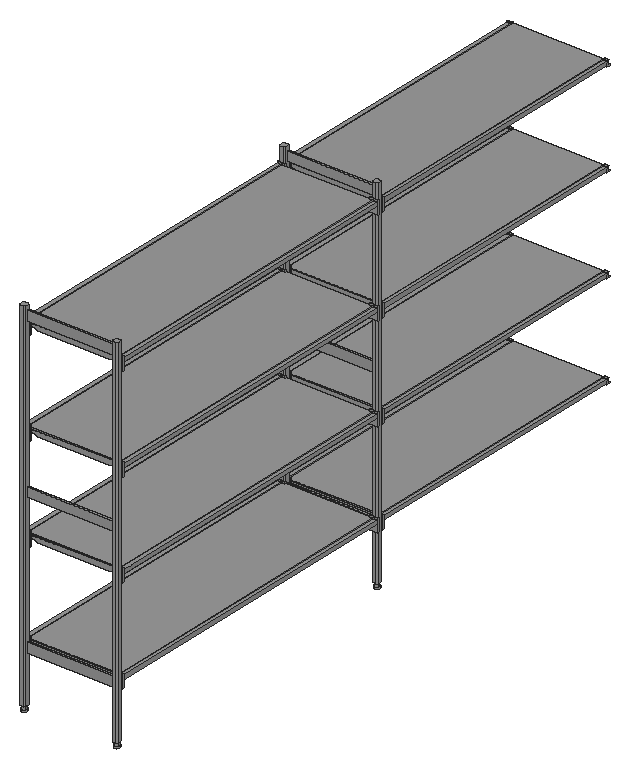
Revit family "QF_ZANUSSI_137089_CLS2903", category Attrezzature speciali, Revit 2020 (continued)
Definition of nested family "WT_Aggancio475"
  Dimensions and locks
    "Depth": plane 3 "BACK" to plane 4 "FRONT"
    "Dint": plane 7 to plane 8
    equal spacing: plane 7, plane 6 "Center (Front/Back)", plane 8
    equal spacing: plane 3 "BACK", plane 6 "Center (Front/Back)", plane 4 "FRONT"
    plane 9 "FEET" to level = 25.0 mm
    plane 5 "TOP" to plane 9 "FEET" = 1700.0 mm
    plane 10 to plane 9 "FEET" = 250.0 mm
    plane 11 to plane 10 = 450.0 mm
    plane 12 to plane 11 = 450.0 mm
    plane 13 to plane 12 = 450.0 mm
    locked: plane 3 "BACK" to plane 15 "CYBack" at 17.5
    locked: plane 16 "CYFront" to plane 4 "FRONT" at 17.5
    aligned and locked: level to plane 1
    aligned and locked: Extrusion 1 sketch curve to Extrusion 1 sketch curve  (x3)
  Automatic sketch dimensions
    plane 16 "CYFront" to Extrusion 1 sketch curve = 1.478 mm  (x4)
    Extrusion 1 sketch curve to Extrusion 1 sketch curve = 2.0 mm
    plane 8 to Extrusion 1 sketch curve = 3.478 mm  (x4)
    Extrusion 1 sketch curve to plane 10 = 4.006 mm
    Extrusion 1 sketch curve to Extrusion 1 sketch curve = 34.0 mm  (x4)
    Extrusion 1 sketch curve to plane 11 = 4.006 mm
    Extrusion 1 sketch curve to plane 12 = 4.006 mm
    Extrusion 1 sketch curve to plane 13 = 4.006 mm
    Extrusion 1 sketch curve to plane 7 = 37.522 mm  (x4)
    Extrusion 1 sketch curve to plane 7 = 3.522 mm  (x4)
    plane 14 to Extrusion 1 sketch curve = 3.516 mm  (x4)
    plane 14 to Extrusion 1 sketch curve = 1.522 mm  (x4)
    plane 10 to Extrusion 1 sketch curve = 7.998 mm  (x2)
    Extrusion 1 sketch curve to Extrusion 1 sketch curve = 11.498 mm  (x4)
    Extrusion 1 sketch curve to Extrusion 1 sketch curve = 6.499 mm  (x8)
    plane 11 to Extrusion 1 sketch curve = 7.998 mm  (x2)
    plane 12 to Extrusion 1 sketch curve = 7.998 mm  (x2)
    plane 13 to Extrusion 1 sketch curve = 7.998 mm  (x2)
    plane 2 "LEFT" to Extrusion 2 sketch curve = 0.0 mm  (x4)
    plane 13 to Extrusion 2 sketch curve = 7.996 mm
    plane 11 to Extrusion 2 sketch curve = 7.996 mm
    Extrusion 2 sketch curve to Extrusion 2 sketch curve = 5.0 mm  (x4)
    plane 11 to Extrusion 2 sketch curve = 2.494 mm
    plane 10 to Extrusion 2 sketch curve = 28.996 mm
    Extrusion 2 sketch curve to Extrusion 2 sketch curve = 3.0 mm  (x4)
    plane 10 to Extrusion 2 sketch curve = 7.996 mm
    plane 10 to Extrusion 2 sketch curve = 2.494 mm
    Extrusion 2 sketch curve to Extrusion 2 sketch curve = 18.0 mm  (x3)
    plane 12 to Extrusion 2 sketch curve = 2.494 mm
    plane 12 to Extrusion 2 sketch curve = 7.996 mm
    plane 13 to Extrusion 2 sketch curve = 2.494 mm
    plane 2 "LEFT" to Extrusion 3 sketch curve = 0.0 mm  (x4)
    plane 13 to Extrusion 3 sketch curve = 7.996 mm
    plane 11 to Extrusion 3 sketch curve = 7.996 mm
    Extrusion 3 sketch curve to Extrusion 3 sketch curve = 5.0 mm  (x4)
    plane 11 to Extrusion 3 sketch curve = 2.494 mm
    plane 10 to Extrusion 3 sketch curve = 28.996 mm
    Extrusion 3 sketch curve to Extrusion 3 sketch curve = 3.0 mm  (x4)
    plane 10 to Extrusion 3 sketch curve = 7.996 mm
    plane 10 to Extrusion 3 sketch curve = 2.494 mm
    Extrusion 3 sketch curve to Extrusion 3 sketch curve = 18.0 mm  (x3)
    plane 12 to Extrusion 3 sketch curve = 2.494 mm
    plane 12 to Extrusion 3 sketch curve = 7.996 mm
    plane 13 to Extrusion 3 sketch curve = 2.494 mm
    plane 2 "LEFT" to curve 1 = 5.0 mm
    plane 2 "LEFT" to curve 7 = 5.0 mm
    curve 1 to plane 16 "CYFront" = 17.5 mm
    curve 3 to plane 8 = 12.522 mm
    plane 7 to curve 5 = 12.478 mm
    curve 7 to plane 14 = 17.5 mm
    curve 5 to curve 5 = 4.0 mm
    curve 1 to curve 4 = 4.0 mm
    Extrusion 2 sketch curve to Extrusion 2 sketch curve = 4.0 mm  (x4)
    Extrusion 2 sketch curve to Extrusion 2 sketch curve = 8.969 mm  (x4)
    Extrusion 3 sketch curve to Extrusion 3 sketch curve = 4.0 mm  (x4)
    Extrusion 3 sketch curve to Extrusion 3 sketch curve = 8.969 mm  (x4)
